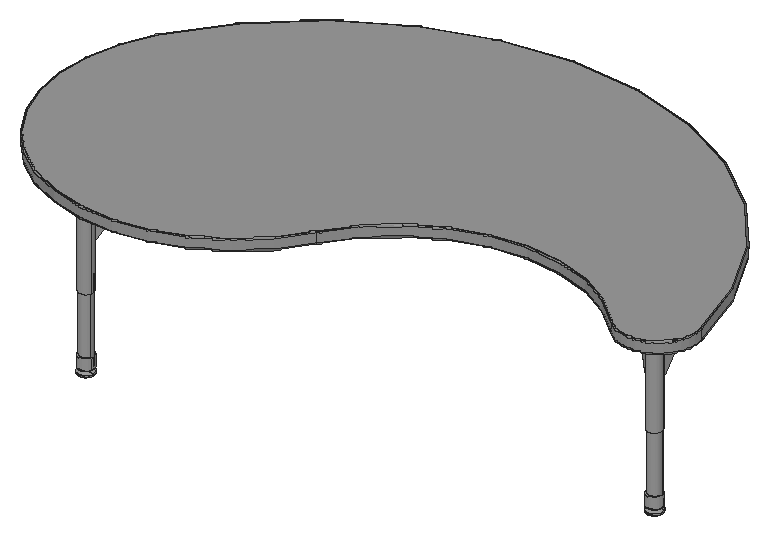
Revit family "Hierarchy Equity Table - Youth Height", category Furniture, Revit 2018
Family settings
  Work Plane-Based = No
  Always vertical = Yes
  Cut with Voids When Loaded = No
  Shared = No
  Room Calculation Point = No
Parameters
  Table Height = 1' - 4"
  Surface = Hierarchy Equity Table Youth Surface
  Leg Finish = Hierarchy Leg Platinum
  Edgeband = Hierarchy Equity Table Youth Edgeband
  Caster/Glide = Hierarchy Youth Leg - Glide : Hierarchy Youth Leg - Glide
Reference planes (in)
  plane 1 "Center (Front/Back)": y = 0
  plane 2: z = 0
  plane 3 "Center (Left/Right)": x = 0
  plane 4: z = 16
Dimensions and locks (in)
  "Table Height": plane 4 to level
  aligned and locked: plane 2 to level
  aligned and locked: nested 5 to plane 4
Nested families (in)
  nested 1: "Hierarchy Youth Leg - Glide" at (-19.10539, -15.66526, 0) x (-0.975, 0.2222, 0) z (0, 0, 1), type <- "Caster/Glide", Leg Finish <- "Leg Finish", Leg Height <- "Table Height", type "Hierarchy Youth Leg - Glide"
    with Leg Height 1' - 4", Leg Finish Hierarchy Leg Platinum
  nested 2: "Hierarchy Youth Leg - Glide" at (32.40686, -4.49512, 0) x (-0.8847, -0.4663, 0) z (0, 0, 1), Leg Finish <- "Leg Finish", Leg Height <- "Table Height", type "Hierarchy Youth Leg - Glide"
    with Leg Height 1' - 4", Leg Finish Hierarchy Leg Platinum
  nested 3: "Hierarchy Youth Leg - Glide" at (-21.90304, 17.12407, 0) x (-0.765, -0.644, 0) z (0, 0, 1), type <- "Caster/Glide", Leg Finish <- "Leg Finish", Leg Height <- "Table Height", type "Hierarchy Youth Leg - Glide"
    with Leg Height 1' - 4", Leg Finish Hierarchy Leg Platinum
  nested 4: "Hierarchy Youth Leg - Glide" at (7.20758, 24.37486, 0) x (-0.9778, 0.2096, 0) z (0, 0, 1), Leg Finish <- "Leg Finish", Leg Height <- "Table Height", type "Hierarchy Youth Leg - Glide"
    with Leg Height 1' - 4", Leg Finish Hierarchy Leg Platinum
  nested 5: "Hierarchy Equity Tabletop" at (0, 0, -7.925), type "Hierarchy Equity Tabletop"
Definition of nested family "Hierarchy Youth Leg - Glide"
  Parameters (values of type "Hierarchy Youth Leg - Glide")
    Leg Finish [instance] = none
    Leg Height [instance] = 1' - 4.80117"
  Reference planes (in)
    plane 1 "Center (Front/Back)": y = 0
    plane 2: z = 0
    plane 3 "Center (Left/Right)": x = 0
  Forms (in)
    Extrusion 1, solid
      sketch origin (-0.01562, 0, 0) x (1, 0, 0) y (0, 1, 0)
        loop
          circle (0.01563, 0) r 0.67016
      from 0.67618 to 10.55018
    Revolve 2, solid
      sketch origin (0, 0, 0) x (1, 0, 0) y (0, 0, 1)
        loop
          line (-0.73189, 1.80118) -> (-0.79439, 1.73867) -> (-0.79439, 0.61381) -> (-0.73176, 0.55118) -> (-0.125, 0.55118) -> (-0.125, 0.42618) -> (-0.84656, 0.16241) -> (-0.84656, 0.08994) -> (-0.81359, 0) -> (0, 0) -> (0, 1.80118) -> (-0.73189, 1.80118)
        axis (0, 1.80118) -> (0, 0)
      angle from 0 to 360
  Dimensions and locks (in)
    "Leg Height": nested 1 to level  (x2)
    aligned and locked: plane 2 to level
  Automatic sketch dimensions
    plane 1 "Center (Front/Back)" to Extrusion 1 sketch curve = 0' - 0"
    Extrusion 1 sketch curve to plane 3 "Center (Left/Right)" = 0' - 0"
    Revolve 2 sketch curve to level = 0' - 0"
    Revolve 2 sketch curve to plane 3 "Center (Left/Right)" = 0' - 0"  (x2)
    Revolve 2 sketch curve to plane 3 "Center (Left/Right)" = 0' - 0 1/8"
    Revolve 2 sketch curve to Revolve 2 sketch curve = 0' - 0.60676"
    Revolve 2 sketch curve to Revolve 2 sketch curve = 0' - 0.73189"
    Revolve 2 sketch curve to Revolve 2 sketch curve = 0' - 0.06263"  (x2)
    Revolve 2 sketch curve to Revolve 2 sketch curve = 0' - 0.08183"
    Revolve 2 sketch curve to Revolve 2 sketch curve = 0' - 0.03297"
    level to Revolve 2 sketch curve = 0' - 0.08994"
    Revolve 2 sketch curve to Revolve 2 sketch curve = 0' - 0.07247"
    level to Revolve 2 sketch curve = 0' - 0.42618"
    Revolve 2 sketch curve to Revolve 2 sketch curve = 0' - 0 1/8"
    Revolve 2 sketch curve to Revolve 2 sketch curve = 0' - 1.12486"
    Revolve 2 sketch curve to Revolve 2 sketch curve = 0' - 0 1/16"
    Revolve 2 sketch curve to level = 2' - 0"
    Revolve 2 sketch curve to Revolve 2 sketch curve = 8' - 4.91764"
    radius of Extrusion 1 sketch curve = 0' - 0.67016"
  Nested families (in)
    nested 1: "Hierarchy Youth Upper Leg 2023" at (0, 0, 0), Leg Finish <- "Leg Finish", type "Hierarchy Youth Upper Leg 2023"
      with Leg Finish none
  Definition of nested family "Hierarchy Youth Upper Leg 2023"
    Parameters (values of type "Hierarchy Youth Upper Leg 2023")
      Leg Finish [instance] = none
    Reference planes (in)
      plane 1 "Center (Front/Back)": y = 0
      plane 2: z = 0
      plane 3 "Center (Left/Right)": x = 0
    Forms (in)
      Extrusion 1, solid, material <- "Leg Finish"
        sketch origin (0, 0, -11.001) x (1, 0, 0) y (0, 1, 0)
          loop
            circle (0, 0) r 0.75
        from 19.67618 to 27.67618
      Extrusion 2, solid, material <- "Leg Finish"
        sketch origin (0, 0, -11.001) x (1, 0, 0) y (0, 1, 0)
          loop
            line (-1.70174, 0.19183) -> (-2.88626, -2.26116)
            arc (-2.88626, -2.26116) -> (-2.83993, -3.09822) -> (-2.1063, -3.50394) r 0.86614
            line (-2.1063, -3.50394) -> (2.1063, -3.50394)
            arc (2.1063, -3.50394) -> (2.83993, -3.09822) -> (2.88626, -2.26116) r 0.86614
            line (2.88626, -2.26116) -> (1.70174, 0.19183)
            arc (1.70174, 0.19183) -> (0, 1.25984) -> (-1.70174, 0.19183) r 1.88976
        from 27.67618 to 27.80217
      Extrusion 3, solid, material <- "Leg Finish"
        sketch origin (-1.48519, 8.66524, -11.001) x (-0.434844, 0.900506, 0) y (0, 0, 1)
          loop
            line (-9.01425, 27.67618) -> (-11.80952, 27.67618)
            arc (-11.80952, 27.67618) -> (-11.92325, 27.58993) -> (-11.87088, 27.45715) r 0.11811
            arc (-11.87088, 27.45715) -> (-10.39364, 26.29679) -> (-9.23328, 24.81955) r 7.87402
            arc (-9.23328, 24.81955) -> (-9.1005, 24.76717) -> (-9.01425, 24.88091) r 0.11811
            line (-9.01425, 24.88091) -> (-9.01425, 27.67618)
        from -1.94075 to -1.81476
      Extrusion 4, solid, material <- "Leg Finish"
        sketch origin (1.48519, 8.66524, -11.001) x (0.434844, 0.900506, 0) y (0, 0, -1)
          loop
            line (-9.01425, -27.67618) -> (-9.01425, -24.88091)
            arc (-9.01425, -24.88091) -> (-9.1005, -24.76717) -> (-9.23328, -24.81955) r 0.11811
            arc (-9.23328, -24.81955) -> (-10.39364, -26.29679) -> (-11.87088, -27.45715) r 7.87402
            arc (-11.87088, -27.45715) -> (-11.92325, -27.58993) -> (-11.80952, -27.67618) r 0.11811
            line (-11.80952, -27.67618) -> (-9.01425, -27.67618)
        from -1.94075 to -1.81476
    Dimensions and locks (in)
      aligned and locked: plane 2 to level
Definition of nested family "Hierarchy Equity Tabletop"
  Parameters (values of type "Hierarchy Equity Tabletop")
    Surface = none
    Edgeband = none
  Reference planes (in)
    plane 1 "Center (Front/Back)": y = 0
    plane 2: z = 0
    plane 3 "Center (Left/Right)": x = 0
  Forms (in)
    Extrusion 1, solid, material <- "Surface"
      sketch origin (0, 0, 0) x (1, 0, 0) y (0, 1, 0)
        loop
          arc (35.18901, -1.8985) -> (5.79835, 26.42707) -> (-31.08896, 8.94922) r 35.89844
          arc (-31.08896, 8.94922) -> (-24.53768, -15.5005) -> (-0.08796, -8.94922) r 17.89844
          arc (-0.08796, -8.94922) -> (13.35525, -0.03672) -> (28.57152, -5.38625) r 18.10156
          arc (28.57152, -5.38625) -> (33.18528, -6.11845) -> (35.18901, -1.8985) r 3.89844
      from 23.925 to 25.125
    Sweep 2, solid, material <- "Edgeband"
      path origin (0, 0, 0) x (1, 0, 0) y (0, 1, 0)
        loop
          arc (-31.08896, 8.94922) -> (-24.53768, -15.5005) -> (-0.08796, -8.94922) r 17.89844
          arc (-0.08796, -8.94922) -> (13.35525, -0.03672) -> (28.57152, -5.38625) r 18.10156
          arc (28.57152, -5.38625) -> (33.18528, -6.11845) -> (35.18901, -1.8985) r 3.89844
          arc (35.18901, -1.8985) -> (5.79835, 26.42707) -> (-31.08896, 8.94922) r 35.89844
      profile origin (-24.53768, -15.5005, 0) x (0.5, 0.866025, 0) y (0, 0, 1)
        loop
          arc (0, 25.125) -> (-0.07071, 25.09571) -> (-0.1, 25.025) r 0.1
          line (-0.1, 25.025) -> (-0.1, 24.025)
          arc (-0.1, 24.025) -> (-0.07071, 23.95429) -> (0, 23.925) r 0.1
          line (0, 23.925) -> (0, 25.125)
  Dimensions and locks (in)
    aligned and locked: plane 2 to level
